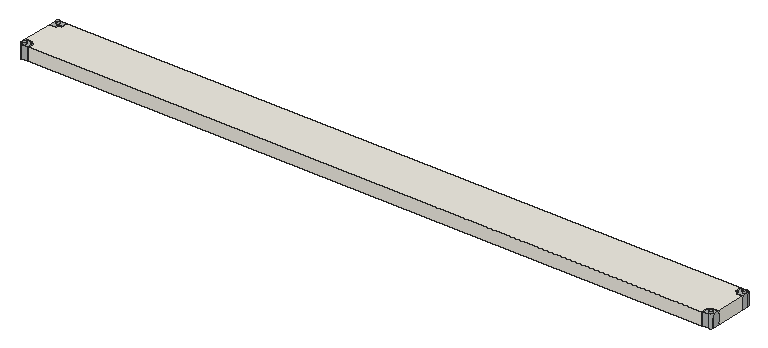
Revit family "HIGHTECH", category Осветительные приборы, Revit 2019 (continued)
Types (32, lengths in mm): name | Файл фотометрической сетки | built-in parameter 1150105 | Lumens | built-in parameter 1150106 | built-in parameter 1150142 | Wattage | Emit from Rectangle Width | Emit from Rectangle Length | Длина | Ширина | ADSK_Ток | ADSK_Полная мощность | ADSK_Обозначение | ADSK_Номинальная мощность | ADSK_Наименование | ADSK_Масса | ADSK_Код изделия
  Hightech-38/opal-sand 160х1195 (IP54, 4000К, белый) c БАП на 3 часа | "Светильник HIGHTECH-38 OPAL-SAND-(160x1195).IES" | 262.61 (stored number, unit not read) | 3300 lm | 2.6261 (stored number, unit not read) | "IESNA:LM-63-95\r\n[TEST] Протокол № 50-4\r\n[DATA] 08.06.2016\r\n[MORE] \r\n[MANUFAC] ЗАО \"Центрстройсвет\"\r\n[LUMCAT]  Светильник HIGHTECH-38/OPAL-SAND-(160x1195)\r\n[LUMINAIRE]\r\n[LAMPCAT] Светодиоды\r\n[LAMP] Поток источника света (светодиодов) не известен\r\n[MORE] КСС приведена в абсолютных величинах кд\r\n[MORE] Вместо потока лампы, указан поток светильника.\r\nTILT=NONE\r\n1    3290 1.0 37 73 1 2 0.16 1.195 0.04\r\n1.0 1.0 37.0\r\n0.0 5.0 10.0 15.0 20.0 25.0 30.0 35.0 40.0 45.0 50.0 55.0 60.0 65.0 70.0 75.0 80.0 85.0 90.0 95.0 100.0 105.0 110.0 115.0 120.0 125.0 130.0 135.0 140.0 145.0 150.0 155.0 160.0 165.0 170.0 175.0 180.0\r\n0.0 5.0 10.0 15.0 20.0 25.0 30.0 35.0 40.0 45.0 50.0 55.0 60.0 65.0 70.0 75.0 80.0 85.0 90.0 95.0 100.0 105.0 110.0 115.0 120.0 125.0 130.0 135.0 140.0 145.0 150.0 155.0 160.0 165.0 170.0 175.0 180.0 185.0 190.0 195.0 200.0 205.0 210.0 215.0 220.0 225.0 230.0 235.0 240.0 245.0 250.0 255.0 260.0 265.0 270.0 275.0 280.0 285.0 290.0 295.0 300.0 305.0 310.0 315.0 320.0 325.0 330.0 335.0 340.0 345.0 350.0 355.0 360.0\r\n1253.2 1246.2 1227.5 1186.2 1134.3 1080.2 1008.5 929.2 845.7 758.1 667.9 573.0 479.1 384.2 290.6 200.4 117.7 47.8 2.1 0.0 0.0 0.0 0.0 0.0 0.0 0.0 0.0 0.0 0.0 0.0 0.0 0.0 0.0 0.0 0.0 0.0 0.0\r\n1253.2 1247.0 1225.7 1188.1 1138.8 1075.1 1004.9 931.9 847.2 757.9 668.1 572.7 477.5 384.0 290.6 200.6 118.4 47.9 2.2 0.0 0.0 0.0 0.0 0.0 0.0 0.0 0.0 0.0 0.0 0.0 0.0 0.0 0.0 0.0 0.0 0.0 0.0\r\n1253.2 1248.1 1227.0 1185.9 1138.7 1078.3 1008.7 929.5 848.8 757.9 669.3 574.6 479.7 385.0 291.5 201.5 119.2 48.1 2.2 0.0 0.0 0.0 0.0 0.0 0.0 0.0 0.0 0.0 0.0 0.0 0.0 0.0 0.0 0.0 0.0 0.0 0.0\r\n1253.2 1248.7 1224.9 1187.5 1138.8 1079.1 1011.1 932.8 850.1 760.3 670.1 574.8 481.5 384.6 292.5 203.1 120.2 49.1 2.2 0.0 0.0 0.0 0.0 0.0 0.0 0.0 0.0 0.0 0.0 0.0 0.0 0.0 0.0 0.0 0.0 0.0 0.0\r\n1253.2 1248.6 1224.1 1190.2 1142.9 1083.0 1011.7 935.9 852.7 763.2 669.8 577.6 482.8 388.3 295.5 202.6 121.0 49.8 2.2 0.0 0.0 0.0 0.0 0.0 0.0 0.0 0.0 0.0 0.0 0.0 0.0 0.0 0.0 0.0 0.0 0.0 0.0\r\n1253.2 1248.4 1225.5 1191.0 1146.1 1082.8 1013.2 936.9 854.2 764.3 675.0 579.1 483.7 388.4 293.4 203.8 122.5 49.7 2.4 0.0 0.0 0.0 0.0 0.0 0.0 0.0 0.0 0.0 0.0 0.0 0.0 0.0 0.0 0.0 0.0 0.0 0.0\r\n1253.2 1248.8 1225.9 1190.7 1143.4 1085.3 1015.6 938.4 853.9 767.8 671.8 579.7 486.4 388.3 294.9 205.4 123.4 50.5 2.6 0.0 0.0 0.0 0.0 0.0 0.0 0.0 0.0 0.0 0.0 0.0 0.0 0.0 0.0 0.0 0.0 0.0 0.0\r\n1253.2 1249.7 1225.4 1191.0 1146.5 1088.4 1018.1 941.5 856.1 769.2 678.8 582.6 486.9 391.1 298.4 205.6 124.3 51.6 2.9 0.0 0.0 0.0 0.0 0.0 0.0 0.0 0.0 0.0 0.0 0.0 0.0 0.0 0.0 0.0 0.0 0.0 0.0\r\n1253.2 1250.7 1226.2 1195.1 1146.0 1088.6 1022.5 943.4 860.2 770.2 679.5 584.7 488.6 391.1 298.3 206.4 125.5 52.0 2.8 0.0 0.0 0.0 0.0 0.0 0.0 0.0 0.0 0.0 0.0 0.0 0.0 0.0 0.0 0.0 0.0 0.0 0.0\r\n1253.2 1251.4 1229.0 1197.3 1147.4 1090.4 1020.0 944.8 861.9 772.2 680.2 585.5 491.0 394.2 298.2 209.3 124.9 53.8 2.8 0.0 0.0 0.0 0.0 0.0 0.0 0.0 0.0 0.0 0.0 0.0 0.0 0.0 0.0 0.0 0.0 0.0 0.0\r\n1253.2 1251.7 1229.9 1197.2 1148.0 1091.3 1021.2 946.6 862.9 774.0 683.3 586.3 492.2 397.0 299.0 212.0 125.4 53.6 2.9 0.0 0.0 0.0 0.0 0.0 0.0 0.0 0.0 0.0 0.0 0.0 0.0 0.0 0.0 0.0 0.0 0.0 0.0\r\n1253.2 1251.7 1230.1 1196.7 1150.6 1091.6 1025.1 945.2 861.6 776.4 685.1 590.9 495.4 394.8 302.4 211.8 125.2 55.5 3.1 0.0 0.0 0.0 0.0 0.0 0.0 0.0 0.0 0.0 0.0 0.0 0.0 0.0 0.0 0.0 0.0 0.0 0.0\r\n1253.2 1251.8 1230.0 1196.4 1152.9 1093.8 1023.7 948.4 862.3 776.2 686.9 589.6 495.4 398.5 303.1 208.9 129.0 55.0 3.6 0.0 0.0 0.0 0.0 0.0 0.0 0.0 0.0 0.0 0.0 0.0 0.0 0.0 0.0 0.0 0.0 0.0 0.0\r\n1253.2 1252.2 1231.4 1198.7 1155.6 1094.2 1023.7 946.5 861.5 778.3 686.0 592.0 496.3 400.2 302.7 214.1 128.1 55.7 3.1 0.0 0.0 0.0 0.0 0.0 0.0 0.0 0.0 0.0 0.0 0.0 0.0 0.0 0.0 0.0 0.0 0.0 0.0\r\n1253.2 1252.3 1232.3 1199.1 1154.1 1095.9 1025.8 946.2 866.0 777.5 685.5 591.7 494.4 400.1 306.1 211.6 130.1 57.1 2.8 0.0 0.0 0.0 0.0 0.0 0.0 0.0 0.0 0.0 0.0 0.0 0.0 0.0 0.0 0.0 0.0 0.0 0.0\r\n1253.2 1251.6 1231.1 1199.5 1152.2 1093.5 1023.3 946.3 866.7 775.6 685.0 591.8 492.9 400.3 304.9 211.5 127.2 59.3 4.3 0.0 0.0 0.0 0.0 0.0 0.0 0.0 0.0 0.0 0.0 0.0 0.0 0.0 0.0 0.0 0.0 0.0 0.0\r\n1253.2 1250.8 1231.0 1199.3 1151.9 1093.0 1026.2 947.8 871.7 777.6 687.3 590.5 494.7 400.9 305.6 212.4 128.2 57.4 4.8 0.0 0.0 0.0 0.0 0.0 0.0 0.0 0.0 0.0 0.0 0.0 0.0 0.0 0.0 0.0 0.0 0.0 0.0\r\n1253.2 1250.0 1230.0 1195.8 1148.2 1094.9 1026.3 951.8 867.0 783.3 687.0 594.1 496.5 399.6 305.7 213.3 129.8 57.2 3.9 0.0 0.0 0.0 0.0 0.0 0.0 0.0 0.0 0.0 0.0 0.0 0.0 0.0 0.0 0.0 0.0 0.0 0.0\r\n1253.2 1249.2 1229.3 1195.6 1148.6 1091.3 1021.5 945.9 861.4 777.9 686.0 588.6 493.2 400.2 302.2 211.7 129.6 56.8 3.7 0.0 0.0 0.0 0.0 0.0 0.0 0.0 0.0 0.0 0.0 0.0 0.0 0.0 0.0 0.0 0.0 0.0 0.0\r\n1253.2 1248.3 1228.4 1192.5 1144.0 1087.6 1016.8 941.5 861.9 773.3 684.4 586.8 490.8 397.1 303.0 209.8 126.4 58.3 4.3 0.0 0.0 0.0 0.0 0.0 0.0 0.0 0.0 0.0 0.0 0.0 0.0 0.0 0.0 0.0 0.0 0.0 0.0\r\n1253.2 1247.3 1226.4 1192.4 1143.7 1084.4 1017.9 942.5 863.3 772.4 683.0 589.7 491.6 397.9 303.2 210.7 127.5 55.5 3.2 0.0 0.0 0.0 0.0 0.0 0.0 0.0 0.0 0.0 0.0 0.0 0.0 0.0 0.0 0.0 0.0 0.0 0.0\r\n1253.2 1246.1 1226.5 1190.5 1144.0 1085.0 1017.8 942.1 860.2 774.1 681.1 586.6 490.0 395.2 301.7 208.4 125.5 55.7 3.8 0.0 0.0 0.0 0.0 0.0 0.0 0.0 0.0 0.0 0.0 0.0 0.0 0.0 0.0 0.0 0.0 0.0 0.0\r\n1253.2 1245.3 1227.7 1191.4 1141.6 1083.0 1015.3 941.2 858.2 770.1 677.5 584.8 487.2 391.9 300.2 207.9 123.8 54.7 2.5 0.0 0.0 0.0 0.0 0.0 0.0 0.0 0.0 0.0 0.0 0.0 0.0 0.0 0.0 0.0 0.0 0.0 0.0\r\n1253.2 1245.0 1224.5 1188.8 1139.2 1081.8 1015.0 935.9 855.1 769.1 677.8 581.4 486.6 391.3 297.0 207.1 123.5 54.3 2.5 0.0 0.0 0.0 0.0 0.0 0.0 0.0 0.0 0.0 0.0 0.0 0.0 0.0 0.0 0.0 0.0 0.0 0.0\r\n1253.2 1244.8 1224.4 1188.1 1140.6 1079.1 1012.4 937.1 851.5 765.6 671.7 582.1 485.9 386.4 297.1 204.0 122.3 52.7 2.3 0.0 0.0 0.0 0.0 0.0 0.0 0.0 0.0 0.0 0.0 0.0 0.0 0.0 0.0 0.0 0.0 0.0 0.0\r\n1253.2 1244.4 1224.1 1186.6 1138.8 1079.5 1006.6 932.1 849.9 763.1 672.6 576.5 483.5 385.1 292.3 205.9 120.2 50.6 2.1 0.0 0.0 0.0 0.0 0.0 0.0 0.0 0.0 0.0 0.0 0.0 0.0 0.0 0.0 0.0 0.0 0.0 0.0\r\n1253.2 1244.1 1223.1 1187.3 1141.5 1079.0 1009.2 930.5 843.3 759.0 668.1 574.3 480.4 385.9 289.1 205.3 119.2 50.2 1.5 0.0 0.0 0.0 0.0 0.0 0.0 0.0 0.0 0.0 0.0 0.0 0.0 0.0 0.0 0.0 0.0 0.0 0.0\r\n1253.2 1243.9 1222.5 1185.7 1137.3 1078.6 1005.1 929.7 844.4 757.9 665.5 573.1 478.3 382.8 291.0 200.1 119.7 47.9 1.5 0.0 0.0 0.0 0.0 0.0 0.0 0.0 0.0 0.0 0.0 0.0 0.0 0.0 0.0 0.0 0.0 0.0 0.0\r\n1253.2 1243.5 1222.1 1185.2 1139.0 1075.9 1006.1 925.0 842.4 756.0 663.6 571.0 474.2 381.6 287.1 198.6 118.1 47.3 1.3 0.0 0.0 0.0 0.0 0.0 0.0 0.0 0.0 0.0 0.0 0.0 0.0 0.0 0.0 0.0 0.0 0.0 0.0\r\n1253.2 1242.9 1222.3 1186.5 1136.4 1077.1 1004.8 925.7 839.0 752.7 663.1 570.2 474.1 379.4 286.2 198.5 115.8 45.9 1.1 0.0 0.0 0.0 0.0 0.0 0.0 0.0 0.0 0.0 0.0 0.0 0.0 0.0 0.0 0.0 0.0 0.0 0.0\r\n1253.2 1242.2 1222.0 1184.3 1136.7 1074.4 1001.0 924.5 841.6 752.8 662.1 567.8 473.5 379.3 284.1 195.2 116.8 44.4 0.9 0.0 0.0 0.0 0.0 0.0 0.0 0.0 0.0 0.0 0.0 0.0 0.0 0.0 0.0 0.0 0.0 0.0 0.0\r\n1253.2 1241.7 1220.3 1183.2 1133.6 1075.2 1003.5 925.7 838.8 750.4 659.2 565.7 472.5 376.3 284.0 193.6 115.2 43.5 0.9 0.0 0.0 0.0 0.0 0.0 0.0 0.0 0.0 0.0 0.0 0.0 0.0 0.0 0.0 0.0 0.0 0.0 0.0\r\n1253.2 1241.4 1218.5 1184.3 1135.7 1073.2 1002.8 921.5 838.8 748.8 658.6 565.6 468.2 374.8 282.4 192.9 113.7 43.5 0.8 0.0 0.0 0.0 0.0 0.0 0.0 0.0 0.0 0.0 0.0 0.0 0.0 0.0 0.0 0.0 0.0 0.0 0.0\r\n1253.2 1241.4 1218.6 1183.1 1130.7 1071.2 999.0 920.3 835.8 750.7 658.1 563.0 469.5 374.5 280.7 191.7 112.7 42.7 0.7 0.0 0.0 0.0 0.0 0.0 0.0 0.0 0.0 0.0 0.0 0.0 0.0 0.0 0.0 0.0 0.0 0.0 0.0\r\n1253.2 1241.3 1217.8 1181.3 1131.6 1070.5 998.2 922.3 837.6 747.9 655.1 564.4 468.1 372.3 280.4 191.6 111.0 42.2 0.6 0.0 0.0 0.0 0.0 0.0 0.0 0.0 0.0 0.0 0.0 0.0 0.0 0.0 0.0 0.0 0.0 0.0 0.0\r\n1253.2 1241.0 1216.1 1181.3 1130.1 1067.2 998.7 919.4 839.2 746.8 655.1 564.1 466.7 372.3 280.2 191.4 110.2 42.1 0.6 0.0 0.0 0.0 0.0 0.0 0.0 0.0 0.0 0.0 0.0 0.0 0.0 0.0 0.0 0.0 0.0 0.0 0.0\r\n1253.2 1240.4 1215.6 1179.7 1131.7 1069.3 996.7 921.0 835.4 746.9 655.8 561.8 467.8 371.7 279.1 190.4 110.2 41.6 0.6 0.0 0.0 0.0 0.0 0.0 0.0 0.0 0.0 0.0 0.0 0.0 0.0 0.0 0.0 0.0 0.0 0.0 0.0\r\n1253.2 1239.5 1216.6 1179.0 1129.6 1067.7 998.0 916.4 834.1 745.2 656.0 562.7 466.5 373.0 278.9 190.0 109.6 41.5 0.6 0.0 0.0 0.0 0.0 0.0 0.0 0.0 0.0 0.0 0.0 0.0 0.0 0.0 0.0 0.0 0.0 0.0 0.0\r\n1253.2 1239.0 1216.7 1177.5 1129.3 1069.9 998.7 918.3 834.7 746.3 653.6 561.1 467.4 372.8 278.3 191.1 109.9 41.4 0.6 0.0 0.0 0.0 0.0 0.0 0.0 0.0 0.0 0.0 0.0 0.0 0.0 0.0 0.0 0.0 0.0 0.0 0.0\r\n1253.2 1239.5 1216.7 1178.7 1129.2 1067.3 998.6 919.3 834.7 748.6 655.2 562.4 466.3 372.8 279.4 191.2 110.4 41.4 0.7 0.0 0.0 0.0 0.0 0.0 0.0 0.0 0.0 0.0 0.0 0.0 0.0 0.0 0.0 0.0 0.0 0.0 0.0\r\n1253.2 1240.6 1216.6 1180.1 1128.8 1068.4 994.8 917.9 836.9 745.7 654.9 561.1 466.7 372.1 280.2 190.2 111.7 41.8 0.8 0.0 0.0 0.0 0.0 0.0 0.0 0.0 0.0 0.0 0.0 0.0 0.0 0.0 0.0 0.0 0.0 0.0 0.0\r\n1253.2 1241.2 1216.1 1179.9 1127.4 1065.9 996.0 919.2 835.3 746.0 655.8 563.8 468.6 375.3 281.2 191.3 113.1 42.3 0.9 0.0 0.0 0.0 0.0 0.0 0.0 0.0 0.0 0.0 0.0 0.0 0.0 0.0 0.0 0.0 0.0 0.0 0.0\r\n1253.2 1241.0 1216.3 1176.6 1129.1 1067.9 995.3 921.4 836.5 750.5 659.1 565.1 472.3 374.2 282.1 193.4 114.1 42.9 1.0 0.0 0.0 0.0 0.0 0.0 0.0 0.0 0.0 0.0 0.0 0.0 0.0 0.0 0.0 0.0 0.0 0.0 0.0\r\n1253.2 1240.9 1216.4 1179.2 1127.6 1067.9 999.6 922.8 840.5 750.6 659.2 565.9 471.1 376.1 284.7 194.3 114.0 43.6 1.1 0.0 0.0 0.0 0.0 0.0 0.0 0.0 0.0 0.0 0.0 0.0 0.0 0.0 0.0 0.0 0.0 0.0 0.0\r\n1253.2 1241.1 1216.1 1182.2 1131.4 1067.7 1001.1 924.3 841.6 753.0 661.5 569.1 473.5 377.1 284.8 195.9 116.1 44.9 1.0 0.0 0.0 0.0 0.0 0.0 0.0 0.0 0.0 0.0 0.0 0.0 0.0 0.0 0.0 0.0 0.0 0.0 0.0\r\n1253.2 1241.0 1215.7 1178.5 1126.3 1066.3 1000.7 925.3 843.0 754.9 662.8 570.6 473.8 381.2 285.7 197.9 115.6 46.3 1.0 0.0 0.0 0.0 0.0 0.0 0.0 0.0 0.0 0.0 0.0 0.0 0.0 0.0 0.0 0.0 0.0 0.0 0.0\r\n1253.2 1240.6 1216.9 1179.9 1130.2 1069.8 1003.0 926.7 841.9 755.2 665.8 571.2 478.8 381.2 287.4 199.7 116.2 48.7 1.2 0.0 0.0 0.0 0.0 0.0 0.0 0.0 0.0 0.0 0.0 0.0 0.0 0.0 0.0 0.0 0.0 0.0 0.0\r\n1253.2 1240.2 1217.8 1181.5 1132.1 1074.5 1004.8 929.2 844.5 758.5 667.0 573.0 480.0 385.0 289.8 201.9 116.8 49.9 1.8 0.0 0.0 0.0 0.0 0.0 0.0 0.0 0.0 0.0 0.0 0.0 0.0 0.0 0.0 0.0 0.0 0.0 0.0\r\n1253.2 1240.0 1217.8 1181.0 1132.5 1073.7 1006.5 927.4 845.6 762.4 670.0 575.5 480.5 385.9 289.4 203.7 119.7 48.6 2.2 0.0 0.0 0.0 0.0 0.0 0.0 0.0 0.0 0.0 0.0 0.0 0.0 0.0 0.0 0.0 0.0 0.0 0.0\r\n1253.2 1240.1 1217.6 1182.8 1133.1 1076.6 1007.5 930.0 846.5 762.7 668.8 577.0 482.3 389.1 292.7 202.8 123.7 49.1 1.8 0.0 0.0 0.0 0.0 0.0 0.0 0.0 0.0 0.0 0.0 0.0 0.0 0.0 0.0 0.0 0.0 0.0 0.0\r\n1253.2 1240.7 1218.2 1183.4 1135.8 1075.9 1012.2 932.5 849.2 763.2 670.4 578.3 484.0 386.6 296.5 204.3 120.7 52.9 1.5 0.0 0.0 0.0 0.0 0.0 0.0 0.0 0.0 0.0 0.0 0.0 0.0 0.0 0.0 0.0 0.0 0.0 0.0\r\n1253.2 1241.9 1218.2 1184.0 1135.3 1079.4 1008.5 935.4 854.3 762.1 675.0 581.5 483.5 390.0 296.7 205.3 122.0 52.4 2.7 0.0 0.0 0.0 0.0 0.0 0.0 0.0 0.0 0.0 0.0 0.0 0.0 0.0 0.0 0.0 0.0 0.0 0.0\r\n1253.2 1243.2 1219.3 1183.9 1135.5 1077.7 1013.9 936.1 854.3 766.4 675.2 581.0 485.9 389.4 297.6 206.4 122.6 54.2 3.1 0.0 0.0 0.0 0.0 0.0 0.0 0.0 0.0 0.0 0.0 0.0 0.0 0.0 0.0 0.0 0.0 0.0 0.0\r\n1253.2 1244.0 1222.4 1184.1 1138.0 1078.9 1011.1 936.7 854.8 768.1 677.4 581.9 486.5 391.6 297.0 207.3 125.4 53.2 2.1 0.0 0.0 0.0 0.0 0.0 0.0 0.0 0.0 0.0 0.0 0.0 0.0 0.0 0.0 0.0 0.0 0.0 0.0\r\n1253.2 1245.1 1223.0 1185.9 1136.6 1078.1 1013.2 934.0 852.8 768.3 673.3 580.9 485.6 389.0 296.7 206.9 123.9 53.7 2.4 0.0 0.0 0.0 0.0 0.0 0.0 0.0 0.0 0.0 0.0 0.0 0.0 0.0 0.0 0.0 0.0 0.0 0.0\r\n1253.2 1246.5 1221.7 1184.4 1137.6 1081.8 1014.6 939.7 852.6 767.0 674.1 582.3 486.0 392.8 300.8 207.8 123.0 54.8 3.5 0.0 0.0 0.0 0.0 0.0 0.0 0.0 0.0 0.0 0.0 0.0 0.0 0.0 0.0 0.0 0.0 0.0 0.0\r\n1253.2 1247.3 1220.9 1185.7 1134.8 1076.8 1013.3 936.0 854.4 763.6 674.5 580.5 485.8 392.0 298.4 206.3 125.4 54.8 3.5 0.0 0.0 0.0 0.0 0.0 0.0 0.0 0.0 0.0 0.0 0.0 0.0 0.0 0.0 0.0 0.0 0.0 0.0\r\n1253.2 1247.3 1220.0 1183.6 1137.4 1077.7 1008.6 934.0 851.9 764.5 674.6 582.7 486.3 390.6 297.8 207.3 122.1 55.5 2.7 0.0 0.0 0.0 0.0 0.0 0.0 0.0 0.0 0.0 0.0 0.0 0.0 0.0 0.0 0.0 0.0 0.0 0.0\r\n1253.2 1246.8 1218.3 1185.0 1134.6 1074.3 1009.0 934.4 851.3 764.4 672.5 583.8 483.7 389.6 297.1 206.6 124.9 52.8 3.1 0.0 0.0 0.0 0.0 0.0 0.0 0.0 0.0 0.0 0.0 0.0 0.0 0.0 0.0 0.0 0.0 0.0 0.0\r\n1253.2 1246.1 1219.3 1182.3 1135.7 1077.7 1009.0 933.8 849.1 763.5 673.4 578.9 484.7 389.4 295.7 207.6 122.6 53.6 3.1 0.0 0.0 0.0 0.0 0.0 0.0 0.0 0.0 0.0 0.0 0.0 0.0 0.0 0.0 0.0 0.0 0.0 0.0\r\n1253.2 1245.5 1221.2 1184.2 1134.1 1074.3 1008.5 932.6 849.3 764.8 671.3 578.2 486.2 386.3 296.1 205.6 122.8 53.1 2.6 0.0 0.0 0.0 0.0 0.0 0.0 0.0 0.0 0.0 0.0 0.0 0.0 0.0 0.0 0.0 0.0 0.0 0.0\r\n1253.2 1245.3 1222.3 1181.3 1137.1 1078.8 1006.0 929.4 850.7 761.6 669.5 576.3 483.0 387.3 293.8 206.9 120.4 52.8 2.5 0.0 0.0 0.0 0.0 0.0 0.0 0.0 0.0 0.0 0.0 0.0 0.0 0.0 0.0 0.0 0.0 0.0 0.0\r\n1253.2 1245.4 1220.5 1184.2 1133.6 1075.2 1009.5 932.6 848.6 757.7 670.4 574.2 481.9 385.5 294.7 204.1 122.8 51.6 2.3 0.0 0.0 0.0 0.0 0.0 0.0 0.0 0.0 0.0 0.0 0.0 0.0 0.0 0.0 0.0 0.0 0.0 0.0\r\n1253.2 1245.3 1220.7 1182.4 1138.5 1074.4 1007.3 928.9 845.9 758.6 667.3 577.0 480.3 385.2 292.5 202.1 122.2 50.0 2.5 0.0 0.0 0.0 0.0 0.0 0.0 0.0 0.0 0.0 0.0 0.0 0.0 0.0 0.0 0.0 0.0 0.0 0.0\r\n1253.2 1245.1 1219.5 1182.9 1136.0 1077.5 1004.9 927.6 844.3 760.3 666.7 573.3 477.6 388.0 290.0 204.5 120.6 50.1 2.2 0.0 0.0 0.0 0.0 0.0 0.0 0.0 0.0 0.0 0.0 0.0 0.0 0.0 0.0 0.0 0.0 0.0 0.0\r\n1253.2 1245.4 1221.4 1184.0 1135.0 1076.2 1007.0 927.5 848.0 756.8 666.9 574.1 479.2 385.1 290.6 202.4 121.3 48.9 2.1 0.0 0.0 0.0 0.0 0.0 0.0 0.0 0.0 0.0 0.0 0.0 0.0 0.0 0.0 0.0 0.0 0.0 0.0\r\n1253.2 1245.8 1222.8 1182.5 1134.6 1074.6 1006.5 931.3 844.1 755.4 665.5 574.0 477.8 384.3 291.6 201.6 119.6 48.1 2.1 0.0 0.0 0.0 0.0 0.0 0.0 0.0 0.0 0.0 0.0 0.0 0.0 0.0 0.0 0.0 0.0 0.0 0.0\r\n1253.2 1246.3 1222.6 1182.5 1135.6 1074.3 1006.0 928.3 846.9 757.8 665.0 572.1 477.5 383.3 290.2 200.0 118.4 47.3 2.1 0.0 0.0 0.0 0.0 0.0 0.0 0.0 0.0 0.0 0.0 0.0 0.0 0.0 0.0 0.0 0.0 0.0 0.0\r\n1253.2 1247.0 1224.6 1182.1 1135.8 1074.9 1003.5 929.0 846.9 758.5 665.1 572.3 475.9 383.2 288.8 199.7 118.7 47.1 2.1 0.0 0.0 0.0 0.0 0.0 0.0 0.0 0.0 0.0 0.0 0.0 0.0 0.0 0.0 0.0 0.0 0.0 0.0\r\n1253.2 1247.6 1222.3 1183.0 1134.1 1073.0 1003.8 928.7 844.0 759.1 665.7 570.0 477.0 383.9 288.2 200.0 118.2 47.4 2.1 0.0 0.0 0.0 0.0 0.0 0.0 0.0 0.0 0.0 0.0 0.0 0.0 0.0 0.0 0.0 0.0 0.0 0.0\r\n1253.2 1247.3 1222.8 1183.5 1131.8 1076.8 1003.8 927.4 845.0 753.8 664.0 572.2 476.8 383.2 289.4 200.5 117.8 47.2 2.2 0.0 0.0 0.0 0.0 0.0 0.0 0.0 0.0 0.0 0.0 0.0 0.0 0.0 0.0 0.0 0.0 0.0 0.0\r\n1253.2 1246.4 1225.8 1185.8 1133.6 1077.4 1005.5 928.8 844.9 757.8 665.7 573.3 477.7 383.5 289.5 200.5 117.6 47.3 2.2 0.0 0.0 0.0 0.0 0.0 0.0 0.0 0.0 0.0 0.0 0.0 0.0 0.0 0.0 0.0 0.0 0.0 0.0\r\n1253.2 1246.2 1227.5 1186.2 1134.3 1080.2 1008.5 929.2 845.7 758.1 667.9 573.0 479.1 384.2 290.6 200.4 117.7 47.8 2.1 0.0 0.0 0.0 0.0 0.0 0.0 0.0 0.0 0.0 0.0 0.0 0.0 0.0 0.0 0.0 0.0 0.0 0.0\r\n" | 22.2159 W | 120 | 1155 | 1195 | 160 | 0.179584 A | 41.3043 VA | "Hightech-38/opal-sand 160х1195 (IP54, 4000К, белый)" | 38 W | "Универсальный светодиодный светильник Hightech-38/opal-sand 160х1195 (IP54, 4000К, белый) c БАП на 3 часа" | 1.6 | "ЦБ000007739"
